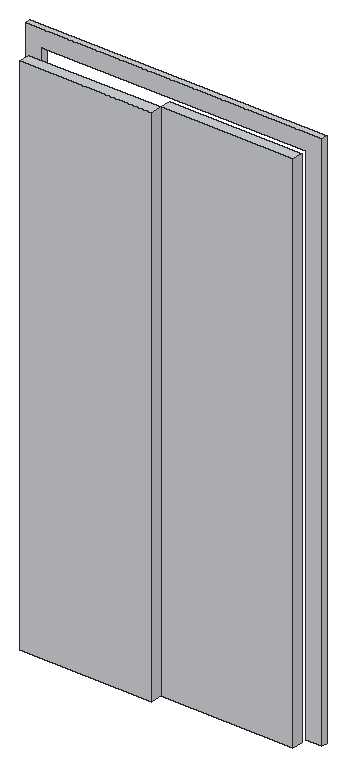
Revit family "ElevatorDoor", category Doors, host Wall, Revit 2026
Family settings
  Host = Wall
  Classification Number = 23.30.10.00
  Always vertical = Yes
  Cut with Voids When Loaded = No
  Shared = No
  Room Calculation Point = No
Parameters (values of type "ElevatorDoor")
  Function = Interior
  Frame Projection Ext. = 0' - 1"
  Frame Projection Int. = 0' - 1"
  Frame Width = 0' - 3"
  Height = 8' - 0"
  Wall Closure = By host
  Width = 4' - 0"
  Define Thermal Properties by = Schematic Type
  Analytic Construction = "<None>"
Types (4): name | Width
  ElevatorDoor | 4' - 0"
  ElevatorDoor - 4' | 4' - 0"
  ElevatorDoor - 6' | 6' - 0"
  ElevatorDoor - 5' | 5' - 0"
Reference planes (in)
  plane 1 "Center (Front/Back)": y = 0
  plane 2 "Center (Left/Right)": x = 0
  plane 3 "Left": x = -24
  plane 4 "Right": x = 24
  plane 5 "Top": z = 96
  plane 6 "Exterior": y = 3
  plane 7 "Interior": y = -3
Forms (in)
  Extrusion 1, solid
    sketch origin (-90, 3, 0) x (-1, 0, 0) y (0, 0, 1)
      loop
        line (-114, 96) -> (-66, 96) -> (-66, 0) -> (-63, 0) -> (-63, 99) -> (-117, 99) -> (-117, 0) -> (-114, 0) -> (-114, 96)
    from 0 to 1
  Extrusion 2, solid
    sketch origin (0, 0, 0) x (1, 0, 0) y (0, 1, 0)
      loop
        line (-24, 0) -> (-24, -2) -> (0, -2) -> (0, 0) -> (-24, 0)
    from 0 to 96 <- "Height"
  Extrusion 3, solid
    sketch origin (0, 2, 0) x (-1, 0, 0) y (0, -1, 0)
      loop
        line (-24, 0) -> (0, 0) -> (0, 2) -> (-24, 2) -> (-24, 0)
    from 0 to 96 <- "Height"
Lines and regions (in)
  Opening 1
    outline origin (-90, -3, 0) x (1, 0, 0) y (0, 0, 1)
      loop
        line (66, 0) -> (114, 0) -> (114, 96) -> (66, 96) -> (66, 0)
  symbolic lines, style "Elevation Swing"
    curve 1: line (-5, 3, 48) -> (-18.25, 3, 48)
    curve 2: line (-18.25, 3, 48) -> (-16.09636, 3, 48.65142)
    curve 3: line (5, 3, 42) -> (18.25, 3, 42)
    curve 4: line (18.25, 3, 42) -> (16.09636, 3, 42.65142)
Text (in)
  text "Exterior" at (-74.96733, 27.31104, 0), in view "Ref. Level"
  text "Interior" at (-74.96733, -25.14366, 0), in view "Ref. Level"
  text "Exterior" at (0, 40.15149, 123.01588), in view "Right"
  text "Interior" at (0, -64.39139, 123.01588), in view "Right"
  text "Interior" at (0, -31.01599, 123.00693), in view "Left"
  text "Exterior" at (0, 54.57065, 123.00693), in view "Left"
Dimensions and locks (in)
  equal spacing: plane 3 "Left", plane 2 "Center (Left/Right)", plane 4 "Right"
  "Height": level to plane 5 "Top"
  "Width": plane 3 "Left" to plane 4 "Right"
  "Frame Width": Extrusion 1 sketch curve to Extrusion 1 sketch curve  (x2)
  "Frame Width": Extrusion 1 sketch curve to plane 5 "Top"
  equal spacing: host wall, curve 2, plane 5 "Top"
  "Frame Projection Ext.": Extrusion 1 to host wall
  locked: host wall to Extrusion 2 sketch curve at 2
  aligned and locked: plane 3 "Left" to Opening 1 sketch curve
  aligned and locked: plane 5 "Top" to Opening 1 sketch curve  (x2)
  aligned and locked: Opening 1 sketch curve to plane 4 "Right"
  aligned and locked: Opening 1 sketch curve to level
  aligned and locked: plane 5 "Top" to Extrusion 1 sketch curve  (x2)
  aligned and locked: plane 3 "Left" to Extrusion 1 sketch curve
  aligned and locked: Extrusion 1 sketch curve to plane 3 "Left"
  aligned and locked: level to Extrusion 1 sketch curve
  aligned and locked: plane 4 "Right" to Extrusion 1 sketch curve
  aligned and locked: Extrusion 1 to host wall
  aligned and locked: plane 6 "Exterior" to host wall
  aligned and locked: plane 7 "Interior" to host wall
  aligned and locked: Extrusion 2 sketch curve to plane 2 "Center (Left/Right)"
  aligned and locked: Extrusion 2 sketch curve to plane 3 "Left"
  aligned and locked: host wall to Extrusion 2 sketch curve
  aligned and locked: Extrusion 2 to plane 5 "Top"
  aligned and locked: Extrusion 3 sketch curve to plane 4 "Right"
  aligned and locked: Extrusion 3 sketch curve to plane 2 "Center (Left/Right)"
  aligned and locked: host wall to Extrusion 3 sketch curve
  aligned and locked: plane 2 "Center (Left/Right)" to nested 1
  aligned and locked: plane 6 "Exterior" to nested 1
Automatic sketch dimensions
  Extrusion 1 sketch curve to level = 0' - 0"
  Extrusion 3 sketch curve to host wall = 0' - 2"
  curve 1 to plane 3 "Left" = 0' - 5 3/4"
  curve 2 to plane 3 "Left" = 0' - 7.90364"
  curve 2 to curve 1 = 0' - 0.65142"
  curve 1 to plane 2 "Center (Left/Right)" = 0' - 5"
  plane 4 "Right" to curve 3 = 0' - 5 3/4"
  level to curve 3 = 3' - 6"
  curve 3 to curve 4 = 0' - 2.15364"
  plane 2 "Center (Left/Right)" to curve 3 = 0' - 5"
  curve 3 to curve 4 = 0' - 0.65142"
Nested families (in)
  nested 1: "EntryTriangle" at (0, 3, 0), type "EntryTriangle"
Definition of nested family "EntryTriangle"
  Reference planes (in)
    plane 1: y = 0
    plane 2: x = 0
  Lines and regions (in)
    Filled region 1, type "S_Black_OPQ"
      outline origin (0, 0, 0) x (1, 0, 0) y (0, 1, 0)
        loop
          line (0, 0.0164) -> (0.02172, 0.05402) -> (-0.02172, 0.05402) -> (0, 0.0164)
